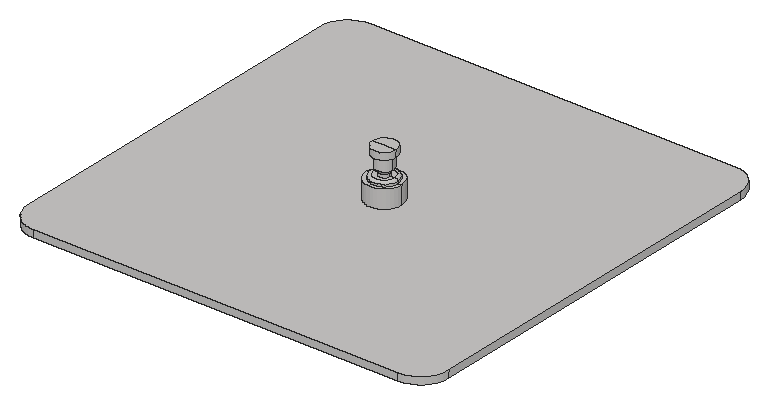
Revit family "S-2764", category Plumbing Fixtures, Revit 2023 (continued)
Forms (in)
  Revolve 164, solid
    sketch origin (4.96968, 10.58835, 0.81953) x (1, 0, 0) y (0, 0, -1)
      loop
        line (-6.17177, 0) -> (-6.06168, 0) -> (-6.12185, 0.06017) -> (-6.12185, 0.13905) -> (-6.17177, 0.13905) -> (-6.17177, 0)
      axis (-6.17177, 0) -> (-6.17177, 0.13905)
    angle from 0 to 360
  Revolve 165, solid
    sketch origin (-4.96968, 10.58835, 0.81953) x (-1, 0, 0) y (0, 0, 1)
      loop
        line (-6.17177, 0) -> (-6.17177, -0.13905) -> (-6.12185, -0.13905) -> (-6.12185, -0.06017) -> (-6.06168, 0) -> (-6.17177, 0)
      axis (-6.17177, 0) -> (-6.17177, -0.13905)
    angle from 0 to 360
  Revolve 166, solid
    sketch origin (-4.96968, 10.58835, 0.81953) x (-1, 0, 0) y (0, 0, 1)
      loop
        line (-6.17177, 0) -> (-6.17177, -0.13905) -> (-6.12185, -0.13905) -> (-6.12185, -0.06017) -> (-6.06168, 0) -> (-6.17177, 0)
      axis (-6.17177, 0) -> (-6.17177, -0.13905)
    angle from 0 to 360
  Revolve 167, solid
    sketch origin (5.45052, 10.58835, 0.81953) x (1, 0, 0) y (0, 0, -1)
      loop
        line (-6.17177, 0) -> (-6.06168, 0) -> (-6.12185, 0.06017) -> (-6.12185, 0.13905) -> (-6.17177, 0.13905) -> (-6.17177, 0)
      axis (-6.17177, 0) -> (-6.17177, 0.13905)
    angle from 0 to 360
  Revolve 168, solid
    sketch origin (5.93136, 10.58835, 0.81953) x (1, 0, 0) y (0, 0, -1)
      loop
        line (-6.17177, 0) -> (-6.06168, 0) -> (-6.12185, 0.06017) -> (-6.12185, 0.13905) -> (-6.17177, 0.13905) -> (-6.17177, 0)
      axis (-6.17177, 0) -> (-6.17177, 0.13905)
    angle from 0 to 360
  Revolve 169, solid
    sketch origin (6.41219, 10.58835, 0.81953) x (1, 0, 0) y (0, 0, -1)
      loop
        line (-6.17177, 0) -> (-6.06168, 0) -> (-6.12185, 0.06017) -> (-6.12185, 0.13905) -> (-6.17177, 0.13905) -> (-6.17177, 0)
      axis (-6.17177, 0) -> (-6.17177, 0.13905)
    angle from 0 to 360
  Revolve 170, solid
    sketch origin (6.89303, 10.58835, 0.81953) x (1, 0, 0) y (0, 0, -1)
      loop
        line (-6.17177, 0) -> (-6.06168, 0) -> (-6.12185, 0.06017) -> (-6.12185, 0.13905) -> (-6.17177, 0.13905) -> (-6.17177, 0)
      axis (-6.17177, 0) -> (-6.17177, 0.13905)
    angle from 0 to 360
  Revolve 171, solid
    sketch origin (5.45052, 10.58835, 0.81953) x (1, 0, 0) y (0, 0, -1)
      loop
        line (-6.17177, 0) -> (-6.06168, 0) -> (-6.12185, 0.06017) -> (-6.12185, 0.13905) -> (-6.17177, 0.13905) -> (-6.17177, 0)
      axis (-6.17177, 0) -> (-6.17177, 0.13905)
    angle from 0 to 360
  Revolve 172, solid
    sketch origin (5.93136, 10.58835, 0.81953) x (1, 0, 0) y (0, 0, -1)
      loop
        line (-6.17177, 0) -> (-6.06168, 0) -> (-6.12185, 0.06017) -> (-6.12185, 0.13905) -> (-6.17177, 0.13905) -> (-6.17177, 0)
      axis (-6.17177, 0) -> (-6.17177, 0.13905)
    angle from 0 to 360
  Revolve 173, solid
    sketch origin (6.41219, 10.58835, 0.81953) x (1, 0, 0) y (0, 0, -1)
      loop
        line (-6.17177, 0) -> (-6.06168, 0) -> (-6.12185, 0.06017) -> (-6.12185, 0.13905) -> (-6.17177, 0.13905) -> (-6.17177, 0)
      axis (-6.17177, 0) -> (-6.17177, 0.13905)
    angle from 0 to 360
  Revolve 174, solid
    sketch origin (6.89303, 10.58835, 0.81953) x (1, 0, 0) y (0, 0, -1)
      loop
        line (-6.17177, 0) -> (-6.06168, 0) -> (-6.12185, 0.06017) -> (-6.12185, 0.13905) -> (-6.17177, 0.13905) -> (-6.17177, 0)
      axis (-6.17177, 0) -> (-6.17177, 0.13905)
    angle from 0 to 360
  Revolve 175, solid
    sketch origin (4.96968, 10.04762, 0.81953) x (1, 0, 0) y (0, 0, -1)
      loop
        line (-6.17177, 0) -> (-6.06168, 0) -> (-6.12185, 0.06017) -> (-6.12185, 0.13905) -> (-6.17177, 0.13905) -> (-6.17177, 0)
      axis (-6.17177, 0) -> (-6.17177, 0.13905)
    angle from 0 to 360
  Revolve 176, solid
    sketch origin (4.96968, 9.50688, 0.81953) x (1, 0, 0) y (0, 0, -1)
      loop
        line (-6.17177, 0) -> (-6.06168, 0) -> (-6.12185, 0.06017) -> (-6.12185, 0.13905) -> (-6.17177, 0.13905) -> (-6.17177, 0)
      axis (-6.17177, 0) -> (-6.17177, 0.13905)
    angle from 0 to 360
  Revolve 177, solid
    sketch origin (4.96968, 8.96615, 0.81953) x (1, 0, 0) y (0, 0, -1)
      loop
        line (-6.17177, 0) -> (-6.06168, 0) -> (-6.12185, 0.06017) -> (-6.12185, 0.13905) -> (-6.17177, 0.13905) -> (-6.17177, 0)
      axis (-6.17177, 0) -> (-6.17177, 0.13905)
    angle from 0 to 360
  Revolve 178, solid
    sketch origin (4.96968, 8.42542, 0.81953) x (1, 0, 0) y (0, 0, -1)
      loop
        line (-6.17177, 0) -> (-6.06168, 0) -> (-6.12185, 0.06017) -> (-6.12185, 0.13905) -> (-6.17177, 0.13905) -> (-6.17177, 0)
      axis (-6.17177, 0) -> (-6.17177, 0.13905)
    angle from 0 to 360
  Revolve 179, solid
    sketch origin (-4.96968, 9.50688, 0.81953) x (-1, 0, 0) y (0, 0, 1)
      loop
        line (-6.17177, 0) -> (-6.17177, -0.13905) -> (-6.12185, -0.13905) -> (-6.12185, -0.06017) -> (-6.06168, 0) -> (-6.17177, 0)
      axis (-6.17177, 0) -> (-6.17177, -0.13905)
    angle from 0 to 360
  Revolve 180, solid
    sketch origin (-4.96968, 8.96615, 0.81953) x (-1, 0, 0) y (0, 0, 1)
      loop
        line (-6.17177, 0) -> (-6.17177, -0.13905) -> (-6.12185, -0.13905) -> (-6.12185, -0.06017) -> (-6.06168, 0) -> (-6.17177, 0)
      axis (-6.17177, 0) -> (-6.17177, -0.13905)
    angle from 0 to 360
  Revolve 181, solid
    sketch origin (-4.96968, 8.42542, 0.81953) x (-1, 0, 0) y (0, 0, 1)
      loop
        line (-6.17177, 0) -> (-6.17177, -0.13905) -> (-6.12185, -0.13905) -> (-6.12185, -0.06017) -> (-6.06168, 0) -> (-6.17177, 0)
      axis (-6.17177, 0) -> (-6.17177, -0.13905)
    angle from 0 to 360
  Revolve 182, solid
    sketch origin (5.36588, 10.04762, 0.81953) x (1, 0, 0) y (0, 0, -1)
      loop
        line (-6.17177, 0) -> (-6.06168, 0) -> (-6.12185, 0.06017) -> (-6.12185, 0.13905) -> (-6.17177, 0.13905) -> (-6.17177, 0)
      axis (-6.17177, 0) -> (-6.17177, 0.13905)
    angle from 0 to 360
  Revolve 183, solid
    sketch origin (5.36588, 10.04762, 0.81953) x (1, 0, 0) y (0, 0, -1)
      loop
        line (-6.17177, 0) -> (-6.06168, 0) -> (-6.12185, 0.06017) -> (-6.12185, 0.13905) -> (-6.17177, 0.13905) -> (-6.17177, 0)
      axis (-6.17177, 0) -> (-6.17177, 0.13905)
    angle from 0 to 360
  Revolve 184, solid
    sketch origin (5.36588, 9.58588, 0.81953) x (1, 0, 0) y (0, 0, -1)
      loop
        line (-6.17177, 0) -> (-6.06168, 0) -> (-6.12185, 0.06017) -> (-6.12185, 0.13905) -> (-6.17177, 0.13905) -> (-6.17177, 0)
      axis (-6.17177, 0) -> (-6.17177, 0.13905)
    angle from 0 to 360
  Revolve 185, solid
    sketch origin (5.36588, 9.58588, 0.81953) x (1, 0, 0) y (0, 0, -1)
      loop
        line (-6.17177, 0) -> (-6.06168, 0) -> (-6.12185, 0.06017) -> (-6.12185, 0.13905) -> (-6.17177, 0.13905) -> (-6.17177, 0)
      axis (-6.17177, 0) -> (-6.17177, 0.13905)
    angle from 0 to 360
  Revolve 186, solid
    sketch origin (-4.96968, 10.04762, 0.81953) x (-1, 0, 0) y (0, 0, 1)
      loop
        line (-6.17177, 0) -> (-6.17177, -0.13905) -> (-6.12185, -0.13905) -> (-6.12185, -0.06017) -> (-6.06168, 0) -> (-6.17177, 0)
      axis (-6.17177, 0) -> (-6.17177, -0.13905)
    angle from 0 to 360
  Revolve 187, solid
    sketch origin (-5.36588, 10.04762, 0.81953) x (-1, 0, 0) y (0, 0, 1)
      loop
        line (-6.17177, 0) -> (-6.17177, -0.13905) -> (-6.12185, -0.13905) -> (-6.12185, -0.06017) -> (-6.06168, 0) -> (-6.17177, 0)
      axis (-6.17177, 0) -> (-6.17177, -0.13905)
    angle from 0 to 360
  Revolve 188, solid
    sketch origin (-5.36588, 10.04762, 0.81953) x (-1, 0, 0) y (0, 0, 1)
      loop
        line (-6.17177, 0) -> (-6.17177, -0.13905) -> (-6.12185, -0.13905) -> (-6.12185, -0.06017) -> (-6.06168, 0) -> (-6.17177, 0)
      axis (-6.17177, 0) -> (-6.17177, -0.13905)
    angle from 0 to 360
  Revolve 189, solid
    sketch origin (-5.36588, 9.58588, 0.81953) x (-1, 0, 0) y (0, 0, 1)
      loop
        line (-6.17177, 0) -> (-6.17177, -0.13905) -> (-6.12185, -0.13905) -> (-6.12185, -0.06017) -> (-6.06168, 0) -> (-6.17177, 0)
      axis (-6.17177, 0) -> (-6.17177, -0.13905)
    angle from 0 to 360
  Revolve 190, solid
    sketch origin (-5.36588, 9.58588, 0.81953) x (-1, 0, 0) y (0, 0, 1)
      loop
        line (-6.17177, 0) -> (-6.17177, -0.13905) -> (-6.12185, -0.13905) -> (-6.12185, -0.06017) -> (-6.06168, 0) -> (-6.17177, 0)
      axis (-6.17177, 0) -> (-6.17177, -0.13905)
    angle from 0 to 360
  Revolve 191, solid
    sketch origin (5.86383, 10.04762, 0.81953) x (1, 0, 0) y (0, 0, -1)
      loop
        line (-6.17177, 0) -> (-6.06168, 0) -> (-6.12185, 0.06017) -> (-6.12185, 0.13905) -> (-6.17177, 0.13905) -> (-6.17177, 0)
      axis (-6.17177, 0) -> (-6.17177, 0.13905)
    angle from 0 to 360
  Revolve 192, solid
    sketch origin (-5.86383, 10.04762, 0.81953) x (-1, 0, 0) y (0, 0, 1)
      loop
        line (-6.17177, 0) -> (-6.17177, -0.13905) -> (-6.12185, -0.13905) -> (-6.12185, -0.06017) -> (-6.06168, 0) -> (-6.17177, 0)
      axis (-6.17177, 0) -> (-6.17177, -0.13905)
    angle from 0 to 360
  Revolve 193, solid
    sketch origin (5.86383, 10.04762, 0.81953) x (1, 0, 0) y (0, 0, -1)
      loop
        line (-6.17177, 0) -> (-6.06168, 0) -> (-6.12185, 0.06017) -> (-6.12185, 0.13905) -> (-6.17177, 0.13905) -> (-6.17177, 0)
      axis (-6.17177, 0) -> (-6.17177, 0.13905)
    angle from 0 to 360
  Revolve 194, solid
    sketch origin (-5.86383, 10.04762, 0.81953) x (-1, 0, 0) y (0, 0, 1)
      loop
        line (-6.17177, 0) -> (-6.17177, -0.13905) -> (-6.12185, -0.13905) -> (-6.12185, -0.06017) -> (-6.06168, 0) -> (-6.17177, 0)
      axis (-6.17177, 0) -> (-6.17177, -0.13905)
    angle from 0 to 360
  Revolve 195, solid
    sketch origin (5.83399, 9.58588, 0.81953) x (1, 0, 0) y (0, 0, -1)
      loop
        line (-6.17177, 0) -> (-6.06168, 0) -> (-6.12185, 0.06017) -> (-6.12185, 0.13905) -> (-6.17177, 0.13905) -> (-6.17177, 0)
      axis (-6.17177, 0) -> (-6.17177, 0.13905)
    angle from 0 to 360
  Revolve 196, solid
    sketch origin (5.83399, 9.58588, 0.81953) x (1, 0, 0) y (0, 0, -1)
      loop
        line (-6.17177, 0) -> (-6.06168, 0) -> (-6.12185, 0.06017) -> (-6.12185, 0.13905) -> (-6.17177, 0.13905) -> (-6.17177, 0)
      axis (-6.17177, 0) -> (-6.17177, 0.13905)
    angle from 0 to 360
  Revolve 197, solid
    sketch origin (-5.83399, 9.58588, 0.81953) x (-1, 0, 0) y (0, 0, 1)
      loop
        line (-6.17177, 0) -> (-6.17177, -0.13905) -> (-6.12185, -0.13905) -> (-6.12185, -0.06017) -> (-6.06168, 0) -> (-6.17177, 0)
      axis (-6.17177, 0) -> (-6.17177, -0.13905)
    angle from 0 to 360
  Revolve 198, solid
    sketch origin (-5.83399, 9.58588, 0.81953) x (-1, 0, 0) y (0, 0, 1)
      loop
        line (-6.17177, 0) -> (-6.17177, -0.13905) -> (-6.12185, -0.13905) -> (-6.12185, -0.06017) -> (-6.06168, 0) -> (-6.17177, 0)
      axis (-6.17177, 0) -> (-6.17177, -0.13905)
    angle from 0 to 360
Lines and regions (in)
  symbolic lines, not visible
    curve 1: line (5.63863, 1.57029, 0) -> (8.94664, -0.92248, 0)
    curve 2: line (8.94664, -0.92248, 0) -> (10.69664, -0.92248, 0)
  symbolic lines
    curve 3: line (0.41806, 0, 2.52191) -> (12.35225, 0, 6.94569)
    curve 4: line (12.35225, 0, 6.94569) -> (14.35225, 0, 6.94569)
Text (in)
  text "210 OUTLETS" at (10.89672, -0.72519, 0), in view "Ref. Level"
  text "1/2\"-14 NPT FEMALE\nSHOWER BALL" at (14.4572, 0, 6.37028), in view "Front"
Dimensions and locks (in)
  equal spacing: group 1, group 3, group 4, group 5, group 6, group 7, group 8, group 9, group 10, group 11, group 12, group 13, group 14, group 2  (x3)
  plane 5 "Center L/T" to plane 4 "Center L/S" = 14 15/16"
  Extrusion 1 to Extrusion 1 = 14 15/16"
  plane 8 to plane 9 = 1/4"
  plane 7 to plane 9 = 1 15/16"
  plane 7 to plane 6 = 11/16"
  aligned and locked: level to plane 2
